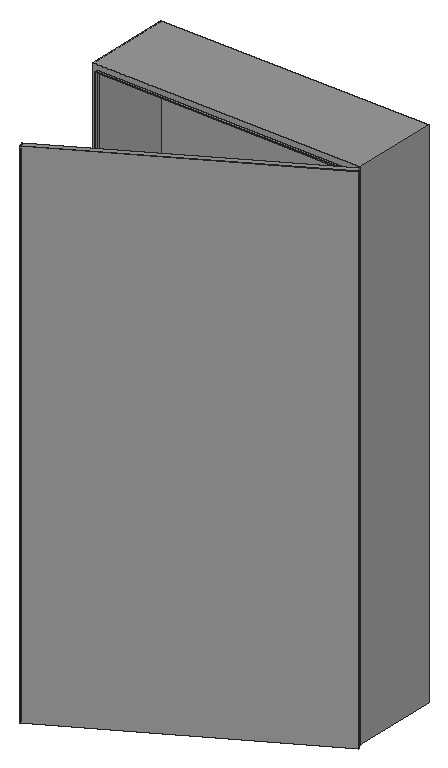
Revit family "Hager-Univers-IP55-D275-H1550-Cl.II-Steel_encl-NoHosted-ES-es", category Electrical Equipment, Revit 2020
Family settings
  Panel Configuration = Two Columns, Circuits Across
  Round Connector Dimension = Use Diameter
  Part Type = Panelboard
  Work Plane-Based = Yes
  Always vertical = Yes
  Cut with Voids When Loaded = No
  Shared = No
  Room Calculation Point = No
Parameters (values of type "Montado superficial (escayola) IP55 A800 A1550 P275  - FR03S")
  Width Control [instance] = if([EF000008 - Anchura] > Min Width, [EF000008 - Anchura], Min Width)  # 800 mm
  Type Comments = [HG000003 - Gama]  # "Univers"
  Thickness Door [instance] = if([EF009171 - Espesor puerta/tapa] > 3 mm, 3 mm, [EF009171 - Espesor puerta/tapa])  # 1.5 mm
  Seal Frame Offset [instance] = 17 mm  # constant formula
  Plinth Visibility [instance] = [HG000027 - Altura de zócalo] > 0 mm  # no
  Min Width [instance] = 100 mm  # constant formula
  Min Depth [instance] = (2 * [EF009170 - Espesor del material de la caja]) + 1 mm  # 4 mm
  Min Height [instance] = 100 mm  # constant formula
  Internal Frame Depth [instance] = (Door System Depth * 0.5)  # 9 mm
  Panel Name [instance] = ""  # (empty or 0)
  Model = ""
  HG000027 - Altura de zócalo = 0 mm
  HG000026 - Instalación en suelo = no
  HG000024 - Altura de la sección inferior = 600 mm
  HG000023 - Caja de doble sección = no
  HG000016 - Visibilidad de la puerta 3D [instance] = yes
  HG000015 - Visibilidad a través de la puerta [instance] = no
  HG000014 - Puerta a la derecha [instance] = yes
  HG000013 - Puerta a la izquierda [instance] = not([HG000014 - Puerta a la derecha])  # no
  HG000012 - Ángulo de giro de la puerta [instance] = 30.00°
  HG000010 - Puertas asimétricas = no
  HG000009 - Puerta batiente doble = no
  HG000006 - Empotrado = no
  HG000004 - Referencia del fabricante = "FR03S"
  HG000003 - Gama = "Univers"
  HG000002 - Con puerta o tapa = yes
  Frame Offset Bottom [instance] = 10 mm  # constant formula
  Frame Offset [instance] = 15 mm  # constant formula
  EF015940 - Tapa con alivio de sobrepresión = no
  EF011959 - Grado de protección (NEMA) = ""
  EF009554 - Número de aberturas para placas-brida = 6
  EF009212 - Versión de la cubierta = "EV000116 - Cerrado"
  EF009171 - Espesor puerta/tapa = 1.5 mm
  EF009170 - Espesor del material de la caja = 1.5 mm
  EF008873 - Corriente nominal (In) = 800 A
  EF007800 - Adecuado para la protección contra rayos = no
  EF006306 - Con cierre = no
  EF006244 - Tapa/puerta transparente = no
  EF005474 - Grado de protección (IP) = "EV006420 - IP55"
  EF004464 - Tipo de puerta = "EV002646 - Único"
  EF004427 - Número de módulos = 360
  EF004293 - Resistencia al impacto (IK) = "EV008784 - IK10"
  EF003532 - Adecuado para uso en exteriores = no
  EF002950 - Anchura de unidades de división = 24
  EF001613 - Integridad del circuito = "EV000494 - Ninguno"
  EF001596 - Material de la carcasa = "EV000179 - Acero"
  EF001131 - Profundidad interna = 275 mm
  EF001088 - Posibilidad de extensión = yes
  EF000437 - Número de entradas de conductos de cables = 6
  EF000339 - Tipo de cubierta = "EV004216 - Puerta"
  EF000266 - Número de filas = 10
  EF000218 - Profundidad de instalación = 0 mm
  EF000118 - Con placa de montaje = no
  EF000116 - Número RAL = "7035"
  EF000049 - Profundidad = 275 mm
  EF000040 - Altura = 1550 mm
  EF000008 - Anchura = 800 mm
  EF000007 - Color = "EV000270 - Gris"
  EF000003 - Tipo de montaje = "EV000384 - Montado superficial (escayola)"
  Door System Leaf Tolerance [instance] = 1.5 mm  # constant formula
  Door System Depth [instance] = 18 mm  # constant formula
  Door Height [instance] = Height Control - [HG000027 - Altura de zócalo]  # 1550 mm
  Description = ""
  Default Elevation = 1219.2 mm
  Connector Offset [instance] = Height Control / 2  # 775 mm
  Manufacturer = "Hager"  # constant formula
  Height Control [instance] = if([EF000040 - Altura] > Min Height, [EF000040 - Altura], Min Height)  # 1550 mm
  Depth Control [instance] = if([EF000049 - Profundidad] > Min Depth, [EF000049 - Profundidad], Min Depth)  # 275 mm
  Bottom Top Plate Trim [instance] = 1.5 mm  # constant formula
  Plinth height Ctrl [instance] = if([HG000027 - Altura de zócalo] > 0 mm, [HG000027 - Altura de zócalo], 12 mm)  # 12 mm
Types (5, lengths in mm): name | Width Control | HG000010 - Puertas asimétricas | HG000009 - Puerta batiente doble | HG000004 - Referencia del fabricante | EF009554 - Número de aberturas para placas-brida | EF004464 - Tipo de puerta | EF004427 - Número de módulos | EF000437 - Número de entradas de conductos de cables | EF000008 - Anchura
  Montado superficial (escayola) IP55 A1050 A1550 P275  - FR04S | 1050 | no | yes | "FR04S" | 8 | "EV003602 - Doble" | 480 | 8 | 1050
  Montado superficial (escayola) IP55 A1300 A1550 P275  - FR05S | 1300 | yes | yes | "FR05S" | 10 | "EV003602 - Doble" | 600 | 10 | 1300
  Montado superficial (escayola) IP55 A300 A1550 P275  - FR01S | 300 | no | no | "FR01S" | 2 | "EV002646 - Único" | 120 | 2 | 300
  Montado superficial (escayola) IP55 A550 A1550 P275  - FR02S | 550 | no | no | "FR02S" | 4 | "EV002646 - Único" | 240 | 4 | 550
  Montado superficial (escayola) IP55 A800 A1550 P275  - FR03S | 800 | no | no | "FR03S" | 6 | "EV002646 - Único" | 360 | 6 | 800
Reference planes
  plane 1 "Center (Front/Back)": y = 0
  plane 2: z = 0
  plane 3 "Center (Left/Right)": x = 0
  plane 4: y = 0
  plane 5: y = 0
  plane 6: z = 0
  plane 7: x = -400
  plane 8: x = 400
  plane 9: x = 398.5
  plane 10: x = -398.5
  plane 11: z = 0
  plane 12: z = 1.5
  plane 13: y = -275
  plane 14: y = -1.5
  plane 15: x = 0
  plane 16: y = -257
  plane 17: y = -273.5
  plane 18: y = -255.5
  plane 19: x = -383.5
  plane 20: x = 383.5
  plane 21: z = 11.5
  plane 22: x = -383
  plane 23: x = 383
  plane 24: z = 0
  plane 25: z = 1550
  plane 26: z = 1550
  plane 27: z = 1533.5
  plane 28: z = 1548.5
Forms (mm)
  Extrusion 1, solid, material "Hager_Steel_RAL7035_Light_Grey", detail levels medium+fine
    sketch origin (-208.679, -4572, 0) x (-1, 0, 0) y (0, -1, 0)
      loop
        line (191.321, -4315) -> (-608.679, -4315) -> (-608.679, -4572) -> (191.321, -4572) -> (191.321, -4315)
    from 0 to 1550
  Extrusion 2, void
    sketch origin (-350.771, -275, 1219.2) x (1, 0, 0) y (0, 0, 1)
      loop
        line (-47.729, 329.3) -> (-47.729, -1217.7) -> (749.271, -1217.7) -> (749.271, 329.3) -> (-47.729, 329.3)
    from -19.5 to -273.5
  Extrusion 3, void
    sketch origin (-290.084, -257, 1219.2) x (1, 0, 0) y (0, 0, 1)
      loop
        line (-93.416, -1207.7) -> (673.584, -1207.7) -> (673.584, 314.3) -> (-93.416, 314.3) -> (-93.416, -1207.7)
    from 0 to -1.5
  Extrusion 4, solid, material "Hager_Steel_RAL7035_Light_Grey", visible <- "Plinth Visibility", detail levels medium+fine
    sketch origin (0, 0, 0) x (1, 0, 0) y (0, 1, 0)
      loop
        line (-400, 0) -> (-400, -257) -> (400, -257) -> (400, 0) -> (-400, 0)
    from 0 to 12 <- "Plinth height Ctrl"
  Extrusion 5, solid, material "Hager_Steel_RAL7035_Light_Grey", detail levels coarse
    sketch origin (0, 0, 0) x (1, 0, 0) y (0, 1, 0)
      loop
        line (-400, 0) -> (-400, -275) -> (400, -275) -> (400, 0) -> (-400, 0)
    from 0 to 1550 <- "Height Control"
  Sweep 6, void
    path in 3D
      loop
        line (-400, -257, 12) -> (400, -257, 12) -> (400, 0, 12) -> (-400, 0, 12) -> (-400, -257, 12)
    profile origin (-400, -128.5, 12) x (1, 0, 0) y (0, 0, 1)
      loop
        line (0, 0) -> (0, -1.5) -> (1.5, -1.5)
        arc (1.5, -1.5) -> (1.061, -0.439) -> (0, 0) r 1.5
  Extrusion 7, solid, material "Hager_Steel_RAL7035_Light_Grey", detail levels fine
    sketch origin (-400, -257, 0) x (1, 0, 0) y (0, 0, 1)
      loop
        line (16.5, 11.5) -> (783.5, 11.5) -> (783.5, 1533.5) -> (16.5, 1533.5) -> (16.5, 11.5)
      loop
        line (15, 10) -> (785, 10) -> (785, 1535) -> (15, 1535) -> (15, 10)
    from 0 to 9 <- "Internal Frame Depth"
Cuts and joins
  Extrusion 2, Extrusion 3 cuts Extrusion 1
  Sweep 6 cuts Extrusion 4
Lines and regions (mm)
  Masking region 1
    outline origin (0, 0, 0) x (1, 0, 0) y (0, 1, 0)
      loop
        line (-400, 0) -> (-400, -275) -> (400, -275) -> (400, 0) -> (-400, 0)
  Masking region 2, detail levels coarse
    outline origin (-290.084, -257, 1219.2) x (-1, 0, 0) y (0, 0, 1)
      loop
        line (-690.084, -1219.2) -> (109.916, -1219.2) -> (109.916, 330.8) -> (-690.084, 330.8) -> (-690.084, -1219.2)
  Masking region 3, detail levels coarse
    outline origin (0, 0, 0) x (0, 1, 0) y (0, 0, 1)
      loop
        line (0, 0) -> (0, 1550) -> (-275, 1550) -> (-275, 0) -> (0, 0)
  Masking region 4, visible <- "Plinth Visibility", detail levels medium+fine
    outline origin (0, 0, 0) x (0, 1, 0) y (0, 0, 1)
      loop
        line (-1.5, 12) -> (-255.5, 12)
        arc (-255.5, 12) -> (-255.939, 10.939) -> (-257, 10.5) r 1.5
        line (-257, 10.5) -> (-257, 0) -> (0, 0) -> (0, 10.5)
        arc (0, 10.5) -> (-1.061, 10.939) -> (-1.5, 12) r 1.5
  Masking region 5, detail levels medium+fine
    outline origin (0, 0, 594.038) x (0, 1, 0) y (0, 0, 1)
      loop
        line (0, -594.038) -> (0, 955.962) -> (-257, 955.962) -> (-257, -594.038) -> (0, -594.038)
  Masking region 6, detail levels medium+fine
    outline origin (-359.7, -257, 1211.883) x (-1, 0, 0) y (0, 0, 1)
      loop
        line (-759.7, -1211.883) -> (40.3, -1211.883) -> (40.3, 338.117) -> (-759.7, 338.117) -> (-759.7, -1211.883)
  Masking region 7, visible <- "Plinth Visibility", detail levels medium+fine
    outline origin (-320.334, -257, 1041.368) x (-1, 0, 0) y (0, 0, 1)
      loop
        line (-720.334, -1041.368) -> (79.666, -1041.368) -> (79.666, -1030.868)
        arc (79.666, -1030.868) -> (78.606, -1030.429) -> (78.166, -1029.368) r 1.5
        line (78.166, -1029.368) -> (-718.834, -1029.368)
        arc (-718.834, -1029.368) -> (-719.273, -1030.429) -> (-720.334, -1030.868) r 1.5
        line (-720.334, -1030.868) -> (-720.334, -1041.368)
  sketch lines
    curve 1: line (-400, 0, 12) -> (-400, -257, 12)
    curve 2: line (-400, -257, 12) -> (400, -257, 12)
    curve 3: line (400, 0, 12) -> (-400, 0, 12)
    curve 4: line (400, -257, 12) -> (400, 0, 12)
Dimensions and locks
  locked: plane 1 "Center (Front/Back)" to plane 5
  "EF009170 - Espesor del material de la caja": plane 7 to plane 10
  "EF009170 - Espesor del material de la caja": plane 8 to plane 9
  equal spacing: plane 7, plane 3 "Center (Left/Right)", plane 8
  "Width Control": plane 7 to plane 8
  "Depth Control": plane 4 to plane 13
  "EF009170 - Espesor del material de la caja": plane 4 to plane 14
  "Height Control": plane 25 to level
  "HG000027 - Altura de zócalo": plane 11 to level
  "EF009170 - Espesor del material de la caja": plane 12 to plane 11
  "EF009170 - Espesor del material de la caja": plane 17 to plane 13
  "EF009170 - Espesor del material de la caja": plane 18 to plane 16
  "Frame Offset Bottom": plane 21 to plane 12
  "Frame Offset": plane 10 to plane 19
  "Frame Offset": plane 9 to plane 20
  "Door System Depth": plane 16 to plane 13
  "Seal Frame Offset": plane 7 to plane 22
  "Seal Frame Offset": plane 8 to plane 23
  "EF009170 - Espesor del material de la caja": plane 26 to plane 28
  "Frame Offset": plane 28 to plane 27
  "Connector Offset": plane 2 to connector elem
  "Bottom Top Plate Trim": profile plane to Sweep 6 sketch curve
  "Bottom Top Plate Trim": Sweep 6 sketch curve to Sweep 6 sketch curve
  "Plinth height Ctrl": Masking region 4 sketch curve to level
  "Plinth height Ctrl": Masking region 7 sketch curve to level
  "Thickness Door": Extrusion 7 sketch curve to Extrusion 7 sketch curve  (x4)
  "Bottom Top Plate Trim": radius of Sweep 6 sketch curve
  "Bottom Top Plate Trim": radius of Masking region 4 sketch curve  (x2)
  "Bottom Top Plate Trim": radius of Masking region 7 sketch curve  (x2)
  aligned and locked: Extrusion 2 sketch curve to plane 12
  aligned and locked: Extrusion 2 sketch curve to plane 9
  aligned and locked: Extrusion 2 sketch curve to plane 10
  aligned and locked: Extrusion 2 to plane 14
  aligned and locked: Extrusion 1 sketch curve to plane 4
  aligned and locked: plane 8 to Extrusion 1 sketch curve
  aligned and locked: plane 7 to Extrusion 1 sketch curve
  aligned and locked: Extrusion 2 to plane 18
  aligned and locked: Extrusion 3 sketch curve to plane 19
  aligned and locked: plane 20 to Extrusion 3 sketch curve
  aligned and locked: Extrusion 3 to Extrusion 2
  aligned and locked: Extrusion 3 sketch curve to plane 21
  aligned and locked: plane 3 "Center (Left/Right)" to nested 1
  aligned and locked: Extrusion 1 sketch curve to plane 16
  aligned and locked: Extrusion 4 sketch curve to cut or joined group of Extrusion 1, Extrusion 2, Extrusion 3
  aligned and locked: Masking region 1 sketch curve to plane 7
  aligned and locked: Masking region 1 sketch curve to plane 5
  aligned and locked: Masking region 1 sketch curve to plane 8
  aligned and locked: Masking region 2 sketch curve to level
  aligned and locked: level to Masking region 3 sketch curve
  aligned and locked: plane 1 "Center (Front/Back)" to Masking region 3 sketch curve
  aligned and locked: plane 13 to Masking region 3 sketch curve
  aligned and locked: plane 5 to Masking region 4 sketch curve
  aligned and locked: Masking region 2 sketch curve to plane 8
  aligned and locked: Masking region 2 sketch curve to plane 7
  aligned and locked: plane 7 to nested 2
  aligned and locked: nested 2 to plane 5
  aligned and locked: plane 5 to Masking region 5 sketch curve
  aligned and locked: plane 26 to Masking region 5 sketch curve
  aligned and locked: Extrusion 5 sketch curve to plane 8
  aligned and locked: Extrusion 5 sketch curve to plane 7
  aligned and locked: Extrusion 5 sketch curve to plane 5
  aligned and locked: Extrusion 3 sketch curve to plane 27
  aligned and locked: Extrusion 2 sketch curve to plane 28
  aligned and locked: Masking region 2 to plane 25
  aligned and locked: Extrusion 4 to plane 16
  aligned and locked: profile plane to Sweep 6 sketch curve
  aligned and locked: Masking region 5 sketch curve to plane 24
  aligned and locked: level to Masking region 4 sketch curve
  aligned and locked: Masking region 1 to plane 13
  aligned and locked: nested 1 to plane 16
  aligned and locked: Masking region 3 to plane 25
  aligned and locked: plane 16 to Masking region 4 sketch curve
  aligned and locked: Masking region 5 sketch curve to plane 16
  aligned and locked: plane 24 to plane 11
  aligned and locked: plane 26 to plane 25
  aligned and locked: plane 26 to cut or joined group of Extrusion 1, Extrusion 2, Extrusion 3
  aligned and locked: nested 1 to plane 24
  aligned and locked: Extrusion 1 to Extrusion 3
  aligned and locked: Masking region 6 sketch curve to plane 8
  aligned and locked: Masking region 6 sketch curve to plane 24
  aligned and locked: Masking region 6 sketch curve to plane 7
  aligned and locked: Masking region 6 sketch curve to plane 26
  aligned and locked: Masking region 7 sketch curve to plane 7
  aligned and locked: level to Masking region 7 sketch curve
  aligned and locked: Masking region 7 sketch curve to plane 8
  aligned and locked: Extrusion 7 sketch curve to cut or joined group of Extrusion 1, Extrusion 2, Extrusion 3  (x4)
Automatic sketch dimensions
  plane 19 to Extrusion 3 sketch curve = 0 mm
  Extrusion 3 sketch curve to plane 20 = 0 mm
  Extrusion 3 sketch curve to plane 21 = 0 mm
  Extrusion 4 sketch curve to plane 7 = 0 mm
  Extrusion 4 sketch curve to plane 8 = 0 mm
  Extrusion 4 sketch curve to plane 16 = 0 mm
  Masking region 1 sketch curve to plane 13 = 0 mm
  Masking region 2 sketch curve to plane 25 = 0 mm
  Masking region 3 sketch curve to plane 25 = 0 mm
  Extrusion 5 sketch curve to plane 13 = 0 mm
  profile plane to Sweep 6 sketch curve = 0 mm
Nested families
  nested 1: "EC000058_Univers_Door" at (0, -257, 0), Double <- "HG000009 - Puerta batiente doble", Transparent <- "EF006244 - Tapa/puerta transparente", Angle <- "HG000012 - Ángulo de giro de la puerta", Door_Right <- "HG000014 - Puerta a la derecha", Assymetrical <- "HG000010 - Puertas asimétricas", Door <- "HG000002 - Con puerta o tapa", Width_Ctrl <- "Width Control", 3d_Door <- "HG000016 - Visibilidad de la puerta 3D", Clearance <- "HG000015 - Visibilidad a través de la puerta", Door_Left <- "HG000013 - Puerta a la izquierda", Width <- "Width Control", Door_Depth <- "Door System Depth", Leaf_Tolerance <- "Door System Leaf Tolerance", Height <- "Door Height", Lock_Visibility <- "EF006306 - Con cierre", Thickness <- "Thickness Door", type "EC000058_Univers_Door", detail levels medium+fine
    with min_wh 4 mm, Width_Ctrl 800 mm, Width 800 mm, Transparent no, Thickness 1.5 mm, Seal_Material Hager_Rubber, Lock_Visibility no, Lock_Material Hager_Plastic_RAL9005_Jet_Black, Leaf_Width 800 mm, Leaf_Tolerance_External_Sides 0 mm, Leaf_Tolerance 1.5 mm, Leaf_Offset 0 mm, Leaf_Height 1547 mm, Leaf_2_Width 800 mm, Leaf_2_Offset 400 mm, Leaf_1_Width 800 mm, Leaf_1_Offset 400 mm, Height_Ctrl 1550 mm, Height 1550 mm, Glass_Material Hager_Glass, Double_Clearance_Ctrl no, Double no, Door_Right_Ctrl yes, Door_Right yes, Door_Material Hager_Steel_RAL7035_Light_Grey, Door_Left_Ctrl no, Door_Left no, Door_Depth 18 mm, Door yes, Clearance_Material Hager_Clearance, Clearance_Depth 800 mm, Clearance_Ctrl no, Clearance no, Assymetrical no, Angle 30.00°, 3d_Door yes
  nested 2: "Hager_Enclosure_Symbol" at (-400, 0, 0), Height <- "Depth Control", Width <- "Width Control", type "Hager_Enclosure_Symbol"
    with Width_Ctrl 800 mm, Width 800 mm, Height_Ctrl 275 mm, Height 275 mm, A_Width_Int 18.047 mm, A_Width 216.562 mm, A_Height_Ctrl 240.625 mm, A_Height 240.625 mm
Connectors
  electrical at (0, 0, 775)
    settings: on plane 1 "Center (Front/Back)", index 1, voltage 0 V, apparent load 0 VA, apparent load phase1 0 VA, apparent load phase2 0 VA, apparent load phase3 0 VA, power factor 1, load classification "Other", number of poles 1, system type 30, power factor state 1, is connector primary yes, connector utility no, sub classification motor no, connector description ""
Definition of nested family "EC000058_Univers_Door"
  Parameters (values of type "EC000058_Univers_Door")
    min_wh [instance] = (2 * Thickness) + 1 mm  # 11 mm
    Width_Ctrl [instance] = 400 mm
    Width [instance] = 500 mm
    Transparent [instance] = yes
    Thickness [instance] = 5 mm
    Seal_Material [instance] = none
    Lock_Visibility [instance] = yes
    Lock_Material [instance] = none
    Leaf_Width [instance] = if((Width_Ctrl - 2 * Leaf_Tolerance_External_Sides) > 0 mm, (Width_Ctrl - 2 * Leaf_Tolerance_External_Sides), min_wh)  # 400 mm
    Leaf_Tolerance_External_Sides [instance] = 0 mm  # constant formula
    Leaf_Tolerance [instance] = 1.5 mm
    Leaf_Offset [instance] = 0 mm  # constant formula
    Leaf_Height [instance] = if((Height_Ctrl - 2 * Leaf_Tolerance) > 0 mm, (Height_Ctrl - 2 * Leaf_Tolerance), min_wh)  # 497 mm
    Leaf_2_Width [instance] = if(and(and(Double, Assymetrical), Door_Left), (Leaf_Width / 3) - (Leaf_Tolerance / 2), if(and(and(Double, Assymetrical), Door_Right), (Leaf_Width / 3) * 2 - (Leaf_Tolerance / 2), if(and(Double, not(Assymetrical)), (Leaf_Width / 2) - Leaf_Tolerance, Leaf_Width)))  # 400 mm
    Leaf_2_Offset [instance] = if(and(Double, Assymetrical), Leaf_2_Width / 2, if(and(Double, not(Assymetrical)), Leaf_Width / 4, Leaf_Width / 2))  # 200 mm
    Leaf_1_Width [instance] = if(and(and(Double, Assymetrical), Door_Right), (Leaf_Width / 3) - (Leaf_Tolerance / 2), if(and(and(Double, Assymetrical), Door_Left), (Width / 3) * 2 - (Leaf_Tolerance / 2), if(and(Double, not(Assymetrical)), (Leaf_Width / 2) - Leaf_Tolerance, Leaf_Width)))  # 400 mm
    Leaf_1_Offset [instance] = if(and(Double, Assymetrical), Leaf_1_Width / 2, if(and(Double, not(Assymetrical)), Leaf_Width / 4, Leaf_Width / 2))  # 200 mm
    Height_Ctrl [instance] = if(Height > min_wh, Height, min_wh)  # 500 mm
    Height [instance] = 500 mm
    Glass_Material [instance] = none
    Double_Clearance_Ctrl [instance] = and(Double, Clearance)  # no
    Double [instance] = no
    Door_Right_Ctrl [instance] = and(or(Door_Right, Double), Door)  # yes
    Door_Right [instance] = yes
    Door_Material [instance] = none
    Door_Left_Ctrl [instance] = and(or(Door_Left, Double), Door)  # no
    Door_Left [instance] = no
    Door_Depth [instance] = 30 mm
    Door [instance] = yes
    Default Elevation = 1219.2 mm
    Clearance_Material [instance] = none
    Clearance_Depth [instance] = if(Leaf_1_Width > Leaf_2_Width, Leaf_1_Width, Leaf_2_Width)  # 400 mm
    Clearance_Ctrl [instance] = and(not(Double), Clearance)  # yes
    Clearance [instance] = yes
    Assymetrical [instance] = yes
    Angle [instance] = 30.00°
    3d_Door [instance] = yes
  Reference planes
    plane 1 "Center (Front/Back)": y = 0
    plane 2 "Bottom": z = 0
    plane 3 "Center (Left/Right)": x = 0
    plane 4: z = 500
    plane 5: x = -200
    plane 6: x = 200
    plane 7: z = 500
    plane 8: x = -200
    plane 9: z = 0
    plane 10: x = 200
    plane 11: y = 0
    plane 12: z = 1.5
    plane 13: x = -600
    plane 14: y = -400
    plane 15: x = 600
    plane 16: x = 0
    plane 17: x = 0
    plane 18: x = -200
    plane 19: x = 200
    plane 20: z = 498.5
  Forms (mm)
    Extrusion 1, solid, material <- "Clearance_Material", visible <- "Double_Clearance_Ctrl"
      sketch origin (1200, 0, 0) x (1, 0, 0) y (0, 0, -1)
        loop
          line (-1800, -498.5) -> (-600, -498.5) -> (-600, 0) -> (-1800, 0) -> (-1800, -498.5)
      from 0 to -400
  Dimensions and locks
    equal spacing: plane 5, plane 3 "Center (Left/Right)", plane 6
    "Width_Ctrl": plane 5 to plane 6
    "Leaf_Offset": plane 5 to plane 8
    "Leaf_Offset": plane 6 to plane 10
    "Leaf_Offset": plane 9 to level
    "Leaf_Offset": plane 4 to plane 7
    "Height_Ctrl": plane 4 to level
    "Leaf_Tolerance": plane 12 to plane 9
    locked: plane 11 to plane 1 "Center (Front/Back)"
    "Leaf_1_Offset": plane 18 to plane 16
    "Leaf_2_Offset": plane 17 to plane 19
    "Leaf_1_Width": plane 13 to plane 8
    "Leaf_2_Width": plane 10 to plane 15
    "Clearance_Depth": plane 14 to plane 1 "Center (Front/Back)"
    "Leaf_Tolerance_External_Sides": plane 8 to plane 18
    "Leaf_Tolerance_External_Sides": plane 19 to plane 10
    "Leaf_Tolerance": plane 7 to plane 20
    aligned and locked: level to plane 2 "Bottom"
    aligned and locked: nested 1 to plane 16
    aligned and locked: nested 2 to plane 17
    aligned and locked: Extrusion 1 to plane 13
    aligned and locked: plane 15 to Extrusion 1
    aligned and locked: Extrusion 1 to plane 14
    aligned and locked: plane 12 to nested 1
    aligned and locked: nested 2 to plane 12
    aligned and locked: Extrusion 1 to plane 11
    aligned and locked: plane 20 to Extrusion 1
    aligned and locked: nested 2 to plane 11
    aligned and locked: nested 1 to plane 11
  Automatic sketch dimensions
    Extrusion 1 sketch curve to level = 0 mm
    plane 5 to Extrusion 1 sketch curve = 400 mm
    plane 6 to Extrusion 1 sketch curve = 400 mm
    Extrusion 1 sketch curve to plane 4 = 1.5 mm
  Nested families
    nested 1: "EC000058_Univers_Door_Leaf" at (0, 0, 1.5), Width <- "Leaf_1_Width", visible <- "Door_Left_Ctrl", Leaf_Height <- "Leaf_Height", Angle <- "Angle", 3d_Door <- "3d_Door", Transparent <- "Transparent", Clearance Material <- "Clearance_Material", Clearance <- "Clearance_Ctrl", Door_Material <- "Door_Material", Glass_Material <- "Glass_Material", Door_Depth <- "Door_Depth", Lock_Material <- "Lock_Material", Seal_Material <- "Seal_Material", Lock_Visibility <- "Lock_Visibility", Thickness <- "Thickness", type "EC000058_Univers_Door_Leaf"
      with Width 400 mm, Transparent_Glass_Offset 30 mm, Transparent_Ctrl yes, Transparent yes, Thickness 5 mm, Standard no, Seal_Material none, Seal_D2 8 mm, Seal_D1 1 mm, Offset_Internal_Frame 10 mm, Lock_Width 20 mm, Lock_Visibility_3d yes, Lock_Visibility yes, Lock_Thickness_3 3 mm, Lock_Thickness_2 1 mm, Lock_Thickness_1 3 mm, Lock_Radius_Offset_2 16 mm, Lock_Radius_Offset_1 15 mm, Lock_Radius_2 5 mm, Lock_Radius 6 mm, Lock_Offset 5 mm, Lock_Material none, Lock_Height 80 mm, Lock_Cover_Top_Offset_2d 17 mm, Lock_Cover_Height -65 mm, Leaf_Height 497 mm, Internal_Seal_Thickness 8 mm, Internal_Seal_Depth_2 4.5 mm, Internal_Frame_Depth 25 mm, Glass_Thickness -1 mm, Glass_Offset -2 mm, Glass_Material none, Door_Material none, Door_Depth 30 mm, Clearance Material none, Clearance yes, Angle_Ctrl 30.00°, Angle 30.00°, 3d_Door yes
    nested 2: "EC000058_Univers_Door_Leaf" at (0, 0, 1.5) x (-1, 0, 0) z (0, 0, 1), Width <- "Leaf_2_Width", visible <- "Door_Right_Ctrl", Leaf_Height <- "Leaf_Height", Angle <- "Angle", 3d_Door <- "3d_Door", Transparent <- "Transparent", Clearance Material <- "Clearance_Material", Clearance <- "Clearance_Ctrl", Door_Material <- "Door_Material", Glass_Material <- "Glass_Material", Door_Depth <- "Door_Depth", Lock_Material <- "Lock_Material", Seal_Material <- "Seal_Material", Lock_Visibility <- "Lock_Visibility", Thickness <- "Thickness", type "EC000058_Univers_Door_Leaf"
      with Width 400 mm, Transparent_Glass_Offset 30 mm, Transparent_Ctrl yes, Transparent yes, Thickness 5 mm, Standard no, Seal_Material none, Seal_D2 8 mm, Seal_D1 1 mm, Offset_Internal_Frame 10 mm, Lock_Width 20 mm, Lock_Visibility_3d yes, Lock_Visibility yes, Lock_Thickness_3 3 mm, Lock_Thickness_2 1 mm, Lock_Thickness_1 3 mm, Lock_Radius_Offset_2 16 mm, Lock_Radius_Offset_1 15 mm, Lock_Radius_2 5 mm, Lock_Radius 6 mm, Lock_Offset 5 mm, Lock_Material none, Lock_Height 80 mm, Lock_Cover_Top_Offset_2d 17 mm, Lock_Cover_Height -65 mm, Leaf_Height 497 mm, Internal_Seal_Thickness 8 mm, Internal_Seal_Depth_2 4.5 mm, Internal_Frame_Depth 25 mm, Glass_Thickness -1 mm, Glass_Offset -2 mm, Glass_Material none, Door_Material none, Door_Depth 30 mm, Clearance Material none, Clearance yes, Angle_Ctrl 30.00°, Angle 30.00°, 3d_Door yes
  Definition of nested family "EC000058_Univers_Door_Leaf"
    Parameters (values of type "EC000058_Univers_Door_Leaf")
      Width [instance] = 2000 mm
      Transparent_Glass_Offset [instance] = 30 mm
      Transparent_Ctrl [instance] = and(Transparent, [3d_Door])  # yes
      Transparent [instance] = yes
      Thickness [instance] = 5 mm
      Standard [instance] = and(not(Transparent), [3d_Door])  # no
      Seal_Material [instance] = none
      Seal_D2 [instance] = 8 mm  # constant formula
      Seal_D1 [instance] = 1 mm  # constant formula
      Offset_Internal_Frame [instance] = 10 mm  # constant formula
      Lock_Width [instance] = 20 mm  # constant formula
      Lock_Visibility_3d [instance] = and(Lock_Visibility, [3d_Door])  # yes
      Lock_Visibility [instance] = yes
      Lock_Thickness_3 [instance] = 3 mm  # constant formula
      Lock_Thickness_2 [instance] = 1 mm  # constant formula
      Lock_Thickness_1 [instance] = 3 mm  # constant formula
      Lock_Radius_Offset_2 [instance] = Lock_Radius_Offset_1 + 1 mm  # 16 mm
      Lock_Radius_Offset_1 [instance] = 15 mm  # constant formula
      Lock_Radius_2 [instance] = Lock_Radius - 1 mm  # 5 mm
      Lock_Radius [instance] = 6 mm  # constant formula
      Lock_Offset [instance] = 5 mm  # constant formula
      Lock_Material [instance] = none
      Lock_Height [instance] = 80 mm  # constant formula
      Lock_Cover_Top_Offset_2d [instance] = Lock_Radius_Offset_2 + 1 mm  # 17 mm
      Lock_Cover_Height [instance] = -(Lock_Height - Lock_Radius_Offset_1)  # -65 mm
      Leaf_Height [instance] = 2720.336 mm
      Internal_Seal_Thickness [instance] = 8 mm  # constant formula
      Internal_Seal_Depth_2 [instance] = 4.5 mm  # constant formula
      Internal_Frame_Depth [instance] = if(Door_Depth - Thickness > 5 mm, Door_Depth - Thickness, 5 mm)  # 25 mm
      Glass_Thickness [instance] = if(Thickness > 15 mm, Glass_Offset + 10 mm, -1 mm)  # -1 mm
      Glass_Offset [instance] = if(Thickness > 15 mm, -(Thickness + 10 mm) / 2, -2 mm)  # -2 mm
      Glass_Material [instance] = none
      Door_Material [instance] = none
      Door_Depth [instance] = 30 mm
      Default Elevation = 0 mm
      Clearance Material [instance] = none
      Clearance [instance] = yes
      Angle_Ctrl [instance] = if(Angle > 180.00°, 180.00°, Angle)  # 90.00°
      Angle [instance] = 90.00°
      3d_Door [instance] = yes
    Reference planes
      plane 1 "Center (Front/Back)": y = 0
      plane 2: z = 0
      plane 3 "Center (Left/Right)": x = 0
      plane 4: y = 2000
      plane 5: x = -1000
      plane 6: x = 1000
      plane 7: x = -3000
      plane 8: z = 2720.336
      plane 9: z = 30
      plane 10: z = 2690.336
      plane 11: x = 970
      plane 12: x = -970
      plane 13: y = -3
      plane 14: z = 107.833
      plane 15: y = -5
      plane 16: y = -223.314
      plane 17: x = -1000
      plane 18: z = 1360.168
      plane 19: y = 30
    Forms (mm)
      Extrusion 1, solid, material <- "Clearance Material", visible <- "Clearance"
        sketch origin (0, 0, 0) x (1, 0, 0) y (0, 0, 1)
          loop
            line (-3000, 2720.336) -> (-3000, 0) -> (1000, 0) -> (1000, 2720.336) -> (-3000, 2720.336)
        from 0 to -2000
      Extrusion 2, solid, material <- "Door_Material", visible <- "Standard", detail levels medium+fine
        sketch origin (-1000, 0, 0) x (0, 1, 0) y (-1, 0, 0)
          loop
            line (0, 30) -> (0, 25) -> (2000, 25) -> (2000, 30) -> (0, 30)
        from 0 to 2720.336 <- "Leaf_Height"
      Extrusion 3, solid, material <- "Door_Material", visible <- "Transparent_Ctrl", detail levels medium+fine
        sketch origin (-1000, 0, 0) x (0, 1, 0) y (-1, 0, 0)
          loop
            line (0, 25) -> (2000, 25) -> (2000, 30) -> (0, 30) -> (0, 25)
        from 0 to 2720.336 <- "Leaf_Height"
      Extrusion 4, void
        sketch origin (-1025, 2000, 0) x (0, 1, 0) y (0, 0, -1)
          loop
            line (-30, -2690.336) -> (-30, -30) -> (-1970, -30) -> (-1970, -2690.336) -> (-30, -2690.336)
        from 0 to 5 <- "Thickness"
      Sweep 5, solid, material <- "Seal_Material", visible <- "Transparent_Ctrl", detail levels fine
        path in 3D
          loop
            line (-1025, 30, 30) -> (-1025, 30, 2690.336) -> (-1025, 1970, 2690.336) -> (-1025, 1970, 30) -> (-1025, 30, 30)
        profile origin (-1025, 1000, 30) x (1, 0, 0) y (0, 0, 1)
          loop
            line (0, 0) -> (0, -8) -> (1, -8) -> (1, 0) -> (0, 0)
      Extrusion 6, solid, material <- "Glass_Material", visible <- "Transparent_Ctrl", detail levels medium+fine
        sketch origin (-1030, 0, 0) x (0, 1, 0) y (0, 0, -1)
          loop
            line (1970, -2690.336) -> (1970, -30) -> (30, -30) -> (30, -2690.336) -> (1970, -2690.336)
        from -2 <- "Glass_Offset" to -1 <- "Glass_Thickness"
      Extrusion 7, solid, material <- "Door_Material", visible <- "3d_Door", detail levels medium+fine
        sketch origin (-1025, 2000, 0) x (0, -1, 0) y (0, 0, -1)
          loop
            line (0, -2720.336) -> (2000, -2720.336) -> (2000, 0) -> (0, 0) -> (0, -2720.336)
          loop
            line (1995, -5) -> (5, -5) -> (5, -2715.336) -> (1995, -2715.336) -> (1995, -5)
        from 0 to 25 <- "Internal_Frame_Depth"
      Sweep 8, solid, material <- "Seal_Material", visible <- "Transparent_Ctrl", detail levels fine
        path in 3D
          loop
            line (-1025, 0, 0) -> (-1025, 2000, 0) -> (-1025, 2000, 2720.336) -> (-1025, 0, 2720.336) -> (-1025, 0, 0)
        profile origin (-1025, 0, 1360.168) x (1, 0, 0) y (0, 1, 0)
          loop
            line (0, 10) -> (2.975, 10)
            arc (2.975, 10) -> (4.053, 10.447) -> (4.5, 11.525) r 1.525
            line (4.5, 11.525) -> (4.5, 16.527)
            arc (4.5, 16.527) -> (4.069, 17.569) -> (3.027, 18) r 1.473
            line (3.027, 18) -> (0, 18) -> (0, 10)
      Extrusion 9, solid, material <- "Lock_Material", visible <- "Lock_Visibility_3d", detail levels fine
        sketch origin (-1030, 0, 0) x (0, 1, 0) y (0, 0, -1)
          loop
            arc (1993.5, -1400.168) -> (1994.561, -1399.729) -> (1995, -1398.668) r 1.5
            line (1995, -1398.668) -> (1995, -1320.168) -> (1975, -1320.168) -> (1975, -1398.668)
            arc (1975, -1398.668) -> (1975.439, -1399.729) -> (1976.5, -1400.168) r 1.5
            line (1976.5, -1400.168) -> (1993.5, -1400.168)
        from 3 <- "Lock_Thickness_1" to 0
      Blend 10, solid, material <- "Lock_Material", visible <- "Lock_Visibility_3d", detail levels fine
        base sketch origin (-1033, 0, 0) x (0, 1, 0) y (0, 0, -1)
          loop
            line (1975, -1320.168) -> (1975, -1398.668)
            arc (1975, -1398.668) -> (1975.439, -1399.729) -> (1976.5, -1400.168) r 1.5
            line (1976.5, -1400.168) -> (1993.5, -1400.168)
            arc (1993.5, -1400.168) -> (1994.561, -1399.729) -> (1995, -1398.668) r 1.5
            line (1995, -1398.668) -> (1995, -1320.168) -> (1975, -1320.168)
        top sketch origin (-1033, 0, 0) x (0, 1, 0) y (0, 0, -1)
          loop
            line (1976, -1320.168) -> (1976, -1398.668)
            arc (1976, -1398.668) -> (1976.146, -1399.022) -> (1976.5, -1399.168) r 0.5
            line (1976.5, -1399.168) -> (1993.5, -1399.168)
            arc (1993.5, -1399.168) -> (1993.854, -1399.022) -> (1994, -1398.668) r 0.5
            line (1994, -1398.668) -> (1994, -1320.168) -> (1976, -1320.168)
        from 0 to 1 <- "Lock_Thickness_2"
      Blend 11, solid, material <- "Lock_Material", visible <- "Lock_Visibility_3d", detail levels fine
        base sketch origin (-1034, 0, 0) x (0, 1, 0) y (0, 0, -1)
          loop
            line (1978, -1320.168) -> (1978, -1384.168)
            arc (1978, -1384.168) -> (1985, -1391.168) -> (1992, -1384.168) r 7
            line (1992, -1384.168) -> (1992, -1320.168) -> (1978, -1320.168)
        top sketch origin (-1034, 0, 0) x (0, 1, 0) y (0, 0, -1)
          loop
            line (1991, -1320.168) -> (1979, -1320.168) -> (1979, -1383.168)
            arc (1979, -1383.168) -> (1985, -1389.168) -> (1991, -1383.168) r 6
            line (1991, -1383.168) -> (1991, -1320.168)
        from 0 to 3 <- "Lock_Thickness_3"
      Extrusion 12, solid, material <- "Lock_Material", visible <- "Lock_Visibility_3d", detail levels fine
        sketch origin (-1030, 1975, 1320.168) x (1, 0, 0) y (0, -1, 0)
          loop
            line (-7, -19) -> (-7, -1) -> (0, -1) -> (0, 0) -> (-8, 0) -> (-8, -20) -> (0, -20) -> (0, -19) -> (-7, -19)
        from 0 to -65 <- "Lock_Cover_Height"
      Extrusion 13, void
        sketch origin (-1038, 1995, 1320.168) x (-1, 0, 0) y (0, 0, -1)
          loop
            line (-5, -65) -> (0, -65) -> (-5, -60) -> (-5, -65)
        from 0 to 20 <- "Lock_Width"
      Extrusion 14, void
        sketch origin (-1038, 1975, 1320.168) x (0, -1, 0) y (0, 0, -1)
          loop
            circle (-10, -15.995) r 6
          loop
            circle (-10, -15.995) r 5
        from 0 to 2
      Extrusion 15, solid, material <- "Lock_Material", visible <- "Lock_Visibility_3d", detail levels medium
        sketch origin (-1030, 0, 0) x (0, 1, 0) y (0, 0, -1)
          loop
            arc (1993.5, -1400.168) -> (1994.561, -1399.729) -> (1995, -1398.668) r 1.5
            line (1995, -1398.668) -> (1995, -1320.168) -> (1975, -1320.168) -> (1975, -1398.668)
            arc (1975, -1398.668) -> (1975.439, -1399.729) -> (1976.5, -1400.168) r 1.5
            line (1976.5, -1400.168) -> (1993.5, -1400.168)
        from 8 to 0
    Cuts and joins
      Extrusion 4 cuts Extrusion 3
      Extrusion 13, Extrusion 14 cuts Extrusion 9
      Extrusion 14 cuts Blend 11
      Extrusion 13, Extrusion 14 cuts Extrusion 12
      joined: Extrusion 9, Blend 10, Blend 11, Extrusion 12
      Extrusion 14 cuts Extrusion 15
    Lines and regions (mm)
      Masking region 1, visible <- "Lock_Visibility", detail levels fine
        outline origin (0, 0, 0) x (0, 1, 0) y (0, 0, 1)
          loop
            line (30, 1320.168) -> (33, 1320.168) -> (33, 1400.168) -> (30, 1400.168) -> (30, 1320.168)
      Masking region 2, visible <- "Lock_Visibility", detail levels fine
        outline origin (0, 3.143, 0) x (0, 1, 0) y (0, 0, 1)
          loop
            line (29.857, 1354.168) -> (30.857, 1354.168) -> (30.857, 1366.168) -> (29.857, 1366.168) -> (29.857, 1354.168)
      Masking region 3, detail levels medium+fine
        outline origin (0, 0, 0) x (0, 1, 0) y (0, 0, 1)
          loop
            line (0, 0) -> (30, 0) -> (30, 2720.336) -> (0, 2720.336) -> (0, 0)
      Masking region 4, detail levels medium+fine
        outline origin (0, 0, 0) x (1, 0, 0) y (0, 0, 1)
          loop
            line (-1000, 2720.336) -> (-1000, 0) -> (1000, 0) -> (1000, 2720.336) -> (-1000, 2720.336)
      Masking region 5, visible <- "Lock_Visibility", detail levels fine
        outline origin (-47.116, 0, 0) x (1, 0, 0) y (0, 0, 1)
          loop
            arc (1024.616, 1399.168) -> (1023.556, 1398.729) -> (1023.116, 1397.668) r 1.5
            line (1023.116, 1397.668) -> (1023.116, 1320.168) -> (1041.116, 1320.168) -> (1041.116, 1397.668)
            arc (1041.116, 1397.668) -> (1040.677, 1398.729) -> (1039.616, 1399.168) r 1.5
            line (1039.616, 1399.168) -> (1024.616, 1399.168)
      Masking region 6, visible <- "Lock_Visibility", detail levels medium+fine
        outline origin (-25, 0, 0) x (1, 0, 0) y (0, 0, 1)
          loop
            arc (1001.5, 1400.168) -> (1000.439, 1399.729) -> (1000, 1398.668) r 1.5
            line (1000, 1398.668) -> (1000, 1320.168) -> (1020, 1320.168) -> (1020, 1398.668)
            arc (1020, 1398.668) -> (1019.561, 1399.729) -> (1018.5, 1400.168) r 1.5
            line (1018.5, 1400.168) -> (1001.5, 1400.168)
      Masking region 7, visible <- "Lock_Visibility", detail levels fine
        outline origin (-73.735, 0, 0) x (1, 0, 0) y (0, 0, 1)
          loop
            line (1051.735, 1382.168) -> (1065.735, 1382.168) -> (1065.735, 1384.168)
            arc (1065.735, 1384.168) -> (1058.735, 1391.168) -> (1051.735, 1384.168) r 7
            line (1051.735, 1384.168) -> (1051.735, 1382.168)
      Masking region 8, visible <- "Lock_Visibility", detail levels fine
        outline origin (-73.735, 0, 0) x (1, 0, 0) y (0, 0, 1)
          loop
            line (1052.735, 1382.168) -> (1064.735, 1382.168) -> (1064.735, 1383.168)
            arc (1064.735, 1383.168) -> (1058.735, 1389.168) -> (1052.735, 1383.168) r 6
            line (1052.735, 1383.168) -> (1052.735, 1382.168)
      Masking region 9, visible <- "Lock_Visibility", detail levels fine
        outline origin (-25, 0, 0) x (1, 0, 0) y (0, 0, 1)
          loop
            line (1020, 1320.168) -> (1020, 1382.168) -> (1000, 1382.168) -> (1000, 1320.168) -> (1020, 1320.168)
      Masking region 10, detail levels medium+fine
        outline origin (0, 0, 0) x (1, 0, 0) y (0, 0, 1)
          loop
            circle (985, 1335.144) r 6
      Masking region 11, detail levels fine
        outline origin (0, 0, 0) x (1, 0, 0) y (0, 0, 1)
          loop
            circle (985, 1335.144) r 5
      Masking region 12, visible <- "Lock_Visibility", detail levels fine
        outline origin (0, 12.767, 0) x (0, 1, 0) y (0, 0, 1)
          loop
            line (20.233, 1320.168) -> (21.233, 1320.168) -> (21.233, 1399.168) -> (20.233, 1400.168) -> (20.233, 1320.168)
      Masking region 13, visible <- "Lock_Visibility", detail levels fine
        outline origin (0, 13.767, -10) x (0, 1, 0) y (0, 0, 1)
          loop
            line (20.233, 1330.168) -> (23.233, 1330.168) -> (23.233, 1399.168) -> (20.233, 1402.168) -> (20.233, 1330.168)
      Masking region 14, visible <- "Lock_Visibility", detail levels fine
        outline origin (0, 12.767, -10) x (0, 1, 0) y (0, 0, 1)
          loop
            line (20.233, 1330.168) -> (25.233, 1330.168) -> (25.233, 1399.305) -> (20.233, 1394.305) -> (20.233, 1330.168)
      Masking region 15, visible <- "Lock_Visibility", detail levels medium
        outline origin (0, 0, 0) x (0, 1, 0) y (0, 0, 1)
          loop
            line (30, 1320.168) -> (38, 1320.168) -> (38, 1400.168) -> (30, 1400.168) -> (30, 1320.168)
      Masking region 16, visible <- "Lock_Visibility", detail levels fine
        outline origin (-1000, 0, 0) x (0, 1, 0) y (-1, 0, 0)
          loop
            line (1975, 30) -> (1995, 30) -> (1995, 38) -> (1975, 38) -> (1975, 30)
          loop
            line (1979, 37) -> (1976, 37) -> (1976, 34) -> (1978, 34) -> (1979, 37)
          loop
            line (1994, 37) -> (1991, 37) -> (1992, 34) -> (1994, 34) -> (1994, 37)
      Masking region 17, visible <- "Lock_Visibility", detail levels medium
        outline origin (-1000, 0, 0) x (0, 1, 0) y (-1, 0, 0)
          loop
            line (1975, 30) -> (1995, 30) -> (1995, 38) -> (1975, 38) -> (1975, 30)
      symbolic lines
        curve 1: line (1000, 0, 0) -> (-3000, 0, 0)
        curve 2: arc (1000, 0, 0) -> (-1000, 2000, 0) -> (-3000, 0, 0) r 2000
        curve 4: line (-1030, 0, 0) -> (-1030, 2000, 0)
      reference lines
        curve 3: line (-1000, 0, 0) -> (-1000, 2000, 0)
      symbolic lines, detail levels medium+fine
        curve 5: line (-1030, 2000, 0) -> (-1025, 2000, 0)
        curve 7: line (-1025, 0, 0) -> (-1030, 0, 0)
        curve 8: line (-1025, 0, 0) -> (-1000, 0, 0)
        curve 9: line (-1000, 0, 0) -> (-1000, 2000, 0)
        curve 10: line (-1000, 2000, 0) -> (-1025, 2000, 0)
      symbolic lines, detail levels fine
        curve 6: line (-1025, 2000, 0) -> (-1025, 0, 0)
      sketch lines
        curve 11: line (-1025, 0, 2720.336) -> (-1025, 0, 0)
        curve 12: line (-1025, 2000, 0) -> (-1025, 0, 0)
        curve 13: line (-1025, 2000, 2720.336) -> (-1025, 2000, 0)
        curve 14: line (-1025, 0, 2720.336) -> (-1025, 2000, 2720.336)
        curve 15: line (-1025, 1970, 30) -> (-1025, 30, 30)
        curve 16: line (-1025, 30, 30) -> (-1025, 30, 2690.336)
        curve 17: line (-1025, 1970, 2690.336) -> (-1025, 1970, 30)
        curve 18: line (-1025, 30, 2690.336) -> (-1025, 1970, 2690.336)
      symbolic lines, visible <- "Transparent", detail levels medium+fine
        curve 19: line (-970, 0, 2690.336) -> (970, 0, 2690.336)
        curve 20: line (-970, 0, 30) -> (-970, 0, 2690.336)
        curve 21: line (970, 0, 30) -> (-970, 0, 30)
        curve 22: line (970, 0, 2690.336) -> (970, 0, 30)
    Dimensions and locks
      "Width": plane 1 "Center (Front/Back)" to plane 4
      equal spacing: plane 5, plane 3 "Center (Left/Right)", plane 6
      "Width": plane 5 to plane 6
      "Width": plane 7 to plane 5
      "Leaf_Height": plane 8 to level
      "Width": curve 5 to curve 3
      "Width": curve 3 to curve 3
      plane 8 to plane 10 = 30 mm
      plane 9 to level = 30 mm
      plane 12 to plane 5 = 30 mm
      plane 6 to plane 11 = 30 mm
      Extrusion 1 to Extrusion 4 sketch curve = 30 mm
      "Transparent_Glass_Offset": curve 3 to Extrusion 4 sketch curve
      "Transparent_Glass_Offset": Extrusion 4 sketch curve to cut or joined group of Extrusion 3, Extrusion 4  (x2)
      cut or joined group of Extrusion 3, Extrusion 4 to Extrusion 6 sketch curve = 30 mm
      "Transparent_Glass_Offset": cut or joined group of Extrusion 3, Extrusion 4 to Extrusion 4 sketch curve
      "Thickness": curve 6 to curve 4
      "Thickness": Extrusion 7 sketch curve to Extrusion 7 sketch curve  (x4)
      "Door_Depth": curve 4 to curve 3
      "Offset_Internal_Frame": profile plane to Sweep 8 sketch curve
      "Internal_Seal_Thickness": Sweep 8 sketch curve to Sweep 8 sketch curve
      "Internal_Seal_Depth_2": profile plane to Sweep 8 sketch curve
      "Seal_D1": profile plane to Sweep 5 sketch curve
      "Seal_D2": profile plane to Sweep 5 sketch curve
      "Thickness": Extrusion 2 sketch curve to Extrusion 2 sketch curve
      equal spacing: Extrusion 9 sketch curve, plane 18, Extrusion 9 sketch curve  (x2)
      equal spacing: Masking region 1 sketch curve, plane 18, Masking region 1 sketch curve
      "Lock_Height": Masking region 1 sketch curve to Masking region 1 sketch curve
      "Lock_Radius": Masking region 2 sketch curve to plane 18 to Masking region 2 sketch curve
      Masking region 2 sketch curve to Masking region 1 = 1 mm
      "Door_Depth": plane 19 to plane 1 "Center (Front/Back)"
      "Lock_Thickness_1": Masking region 1 sketch curve to plane 19
      "Lock_Width": Extrusion 9 sketch curve to Extrusion 9 sketch curve
      "Lock_Height": Extrusion 9 sketch curve to Extrusion 9 sketch curve
      "Lock_Offset": cut or joined group of Extrusion 3, Extrusion 4 to Extrusion 9 sketch curve
      equal spacing: plane 8, plane 18, level
      "Lock_Radius_Offset_1": Blend 11 sketch curve to Blend 10
      locked: Blend 10 to Blend 11 sketch curve at 2  (x2)
      locked: var sketch to Blend 11 sketch curve at 1  (x2)
      "Lock_Radius_Offset_2": Blend 11 sketch curve to Blend 10
      locked: Extrusion 12 sketch curve to Extrusion 12 sketch curve at 1  (x3)
      Masking region 6 sketch curve to Masking region 6 sketch curve = 80 mm
      "Lock_Height": Masking region 6 sketch curve to Masking region 6 sketch curve
      "Lock_Width": Masking region 6 sketch curve to Masking region 6 sketch curve
      locked: Masking region 6 to Masking region 5 sketch curve at 1  (x3)
      locked: Masking region 5 to Masking region 7 sketch curve at 2  (x2)
      "Lock_Radius_Offset_1": Masking region 5 to Masking region 7 sketch curve
      "Lock_Radius_Offset_2": Masking region 5 to Masking region 8 sketch curve
      locked: Masking region 7 to Masking region 8 sketch curve at 1  (x2)
      "Lock_Cover_Top_Offset_2d": Masking region 5 to Masking region 9 sketch curve
      equal spacing: Masking region 9, Masking region 10 sketch curve, Masking region 9
      equal spacing: Masking region 9, Masking region 11 sketch curve, Masking region 9
      Extrusion 15 sketch curve to Extrusion 15 sketch curve = 80 mm
      "Lock_Width": Extrusion 15 sketch curve to Extrusion 15 sketch curve
      "Lock_Height": Extrusion 15 sketch curve to Extrusion 15 sketch curve
      equal spacing: Extrusion 15 sketch curve, plane 18, Extrusion 15 sketch curve
      "Lock_Thickness_3": Masking region 13 sketch curve to Masking region 13 sketch curve
      "Lock_Height": Masking region 12 sketch curve to Masking region 12 sketch curve
      locked: Masking region 13 sketch curve to Masking region 1 at 8
      locked: Masking region 14 sketch curve to Masking region 13 at 1
      locked: Masking region 14 sketch curve to Masking region 1 at 10.863
      "Lock_Height": Masking region 15 sketch curve to Masking region 15 sketch curve
      "Lock_Offset": Extrusion 15 sketch curve to cut or joined group of Extrusion 3, Extrusion 4
      "Lock_Offset": plane 6 to Masking region 6 sketch curve
      radius of Sweep 8 sketch curve = 1.525 mm
      radius of Sweep 8 sketch curve = 1.473 mm
      radius of Extrusion 9 sketch curve = 1.5 mm  (x2)
      "Lock_Radius": radius of Extrusion 14 sketch curve
      "Lock_Radius_2": radius of Extrusion 14 sketch curve
      "Lock_Radius": radius of Masking region 10 sketch curve
      "Lock_Radius_2": radius of Masking region 11 sketch curve
      radius of Extrusion 15 sketch curve = 1.5 mm  (x2)
      "Angle_Ctrl": angle plane 1 "Center (Front/Back)" to curve 3
      locked: Masking region 12 sketch curve to Masking region 12 sketch curve (angle 45.00°)
      locked: Masking region 13 sketch curve to Masking region 13 sketch curve (angle 45.00°)
      locked: Masking region 14 sketch curve to Masking region 14 sketch curve (angle 45.00°)
      aligned and locked: level to plane 2
      aligned and locked: Extrusion 1 to curve 1
      aligned and locked: plane 6 to Extrusion 1
      aligned and locked: Extrusion 1 to plane 1 "Center (Front/Back)"
      aligned and locked: plane 4 to Extrusion 1
      aligned and locked: plane 8 to Extrusion 1
      aligned and locked: curve 7 to Extrusion 2 sketch curve
      aligned and locked: curve 5 to Extrusion 2 sketch curve
      aligned and locked: curve 7 to Extrusion 3 sketch curve
      aligned and locked: Extrusion 3 sketch curve to curve 4
      aligned and locked: Extrusion 3 sketch curve to curve 6
      aligned and locked: Extrusion 3 sketch curve to curve 5
      aligned and locked: curve 9 to curve 3
      aligned and locked: Extrusion 7 sketch curve to cut or joined group of Extrusion 3, Extrusion 4  (x4)
      aligned and locked: plane 17 to curve 3
      aligned and locked: plane 1 "Center (Front/Back)" to curve 3
      aligned and locked: plane 17 to plane 5
      aligned and locked: Sweep 8 sketch curve to profile plane
      aligned and locked: Sweep 5 sketch curve to profile plane  (x2)
      aligned and locked: Masking region 1 to Masking region 2 sketch curve
      aligned and locked: plane 19 to Masking region 1 sketch curve
      aligned and locked: plane 1 "Center (Front/Back)" to Masking region 3 sketch curve
      aligned and locked: plane 19 to Masking region 3 sketch curve
      aligned and locked: level to Masking region 3 sketch curve
      aligned and locked: Masking region 3 sketch curve to plane 8
      aligned and locked: plane 17 to Masking region 4 sketch curve
      aligned and locked: level to Masking region 4 sketch curve
      aligned and locked: Masking region 4 sketch curve to plane 8
      aligned and locked: plane 12 to curve 20
      aligned and locked: plane 10 to curve 19
      aligned and locked: plane 11 to curve 22
      aligned and locked: curve 21 to plane 9
      aligned and locked: Extrusion 2 sketch curve to cut or joined group of Extrusion 3, Extrusion 4
      aligned and locked: Blend 10 sketch curve to Extrusion 9  (x4)
      aligned and locked: Extrusion 9 to Blend 10 sketch curve
      aligned and locked: Blend 10 to Blend 11 sketch curve
      aligned and locked: Extrusion 12 sketch curve to Blend 11
      aligned and locked: Extrusion 12 sketch curve to Extrusion 9  (x4)
      aligned and locked: Masking region 5 sketch curve to Masking region 6
      aligned and locked: Masking region 9 sketch curve to Masking region 6  (x3)
      aligned and locked: Masking region 12 sketch curve to Masking region 1
      aligned and locked: Masking region 13 sketch curve to Masking region 1
      aligned and locked: Masking region 12 to Masking region 14
      aligned and locked: Masking region 14 sketch curve to Masking region 1
      aligned and locked: Masking region 15 sketch curve to Masking region 14
      aligned and locked: Masking region 13 sketch curve to Masking region 12
      aligned and locked: Masking region 16 sketch curve to cut or joined group of Extrusion 14, Extrusion 15  (x4)
      aligned and locked: Masking region 16 sketch curve to cut or joined group of Extrusion 9, Blend 10, Blend 11, Extrusion 12, Extrusion 13, Extrusion 14  (x6)
      aligned and locked: cut or joined group of Extrusion 9, Blend 10, Blend 11, Extrusion 12, Extrusion 13, Extrusion 14 to Masking region 16 sketch curve
      aligned and locked: Masking region 17 sketch curve to cut or joined group of Extrusion 14, Extrusion 15  (x3)
      aligned and locked: Masking region 17 sketch curve to cut or joined group of Extrusion 9, Blend 10, Blend 11, Extrusion 12, Extrusion 13, Extrusion 14
      aligned and locked: Masking region 9 to Masking region 8 sketch curve
      aligned and locked: Masking region 9 to Masking region 7 sketch curve
    Automatic sketch dimensions
      plane 1 "Center (Front/Back)" to curve 2 = 0 mm
      curve 2 to plane 5 = 0 mm
      Extrusion 1 sketch curve to level = 0 mm
      Extrusion 1 sketch curve to plane 7 = 0 mm
      Extrusion 1 sketch curve to plane 6 = 0 mm
      Extrusion 1 sketch curve to plane 8 = 0 mm
      Extrusion 3 to Extrusion 6 sketch curve = 30 mm  (x4)
      Masking region 4 sketch curve to plane 6 = 0 mm
      Blend 10 sketch curve to Extrusion 9 = 1.5 mm
      Blend 10 sketch curve to Extrusion 9 = 1 mm
      Extrusion 13 sketch curve to Extrusion 12 = 0 mm  (x2)
      Extrusion 12 to Extrusion 13 sketch curve = 3 mm
      Extrusion 13 sketch curve to Extrusion 12 = 5 mm
      Extrusion 14 sketch curve to Extrusion 14 sketch curve = 0 mm  (x2)
      Extrusion 14 sketch curve to Extrusion 12 = 10 mm
      Extrusion 14 sketch curve to Extrusion 12 = 15.995 mm
      Masking region 5 sketch curve to Masking region 5 sketch curve = 1.5 mm  (x2)
      Masking region 10 sketch curve to plane 18 = 25.024 mm
      Masking region 11 sketch curve to plane 18 = 25.024 mm
      plane 19 to Masking region 14 sketch curve = 3 mm
      Masking region 16 sketch curve to Masking region 16 sketch curve = 3 mm
      curve 4 to curve 3 = 0 mm
      Blend 10 to Blend 11 sketch curve = 0 mm
      Masking region 6 sketch curve to Masking region 6 sketch curve = 1.5 mm  (x2)
      Masking region 6 sketch curve to plane 18 = 40 mm
      plane 19 to Masking region 12 sketch curve = 3 mm
      Masking region 12 sketch curve to Masking region 12 sketch curve = 1 mm
      Masking region 15 sketch curve to plane 19 = 0 mm
      Masking region 15 sketch curve to plane 18 = 40 mm
      radius of Blend 10 sketch curve to Extrusion 9 = 1 mm
Definition of nested family "Hager_Enclosure_Symbol"
  Parameters (values of type "Hager_Enclosure_Symbol")
    Width_Ctrl [instance] = if(Width > 1 mm, Width, 1 mm)  # 102.27 mm
    Width [instance] = 102.27 mm
    Height_Ctrl [instance] = if(Height > 1 mm, Height, 1 mm)  # 66.5 mm
    A_Width_Int [instance] = if(A_Width / 12 > 2 mm, A_Width / 12, 2 mm)  # 4.364 mm
    A_Width [instance] = if(A_Height_Ctrl * 0.9 > 2 mm, A_Height_Ctrl * 0.9, 2 mm)  # 52.369 mm
    A_Height_Ctrl [instance] = if(A_Height > 2 mm, A_Height, 2 mm)  # 58.188 mm
    Height [instance] = 66.5 mm
    A_Height [instance] = Height - (Height / 8)  # 58.188 mm
  Reference planes
    plane 1 "Centre (avant/arrière)": y = 0
    plane 2: z = 0
    plane 3 "Centre (gauche/droite)": x = 0
    plane 4: x = 52.369
    plane 5: y = 33.042
    plane 6: y = 41.77
    plane 7: y = 66.5
    plane 8: x = 26.184
    plane 9: y = 37.406
    plane 10: x = 102.27
    plane 11: y = 66.5
    plane 12: y = 8.313
  Lines and regions (mm)
    Filled region 1, type "Solid_Black", in view "Niveau de réf."
      outline origin (0, 0, 0) x (1, 0, 0) y (0, 1, 0)
        loop
          line (52.369, 66.5) -> (33.188, 54.536) -> (45.365, 45.006) -> (52.369, 66.5)
    Filled region 2, type "Solid_Black", in view "Niveau de réf."
      outline origin (0, 0, 0) x (1, 0, 0) y (0, 1, 0)
        loop
          line (0, 0) -> (102.27, 0) -> (102.27, 66.5) -> (0, 0)
    detail lines, in view "Niveau de réf."
      curve 1: line (0, 8.313, 0) -> (26.184, 41.77, 0)
      curve 2: line (26.184, 41.77, 0) -> (26.184, 33.042, 0)
      curve 3: line (26.184, 33.042, 0) -> (52.369, 66.5, 0)
  Dimensions and locks
    "A_Width": plane 3 "Centre (gauche/droite)" to plane 4
    equal spacing: plane 3 "Centre (gauche/droite)", plane 8, plane 4
    equal spacing: plane 6, plane 9, plane 5
    equal spacing: curve 3, Filled region 1 sketch curve, Filled region 1 sketch curve
    "Height_Ctrl": plane 1 "Centre (avant/arrière)" to plane 11
    "A_Height_Ctrl": plane 11 to plane 12
    equal spacing: plane 11, plane 9, plane 12
    "A_Width_Int": plane 6 to plane 9
    "Width_Ctrl": plane 3 "Centre (gauche/droite)" to plane 10
    angle Filled region 1 sketch curve to curve 3 = 20.00°
    angle curve 3 to Filled region 1 sketch curve = 20.00°
    locked: curve 3 to Filled region 1 sketch curve (angle 90.00°)
    aligned and locked: plane 10 to Filled region 2
    aligned and locked: plane 11 to Filled region 2 sketch curve
    aligned and locked: plane 10 to Filled region 2 sketch curve
    aligned and locked: plane 3 "Centre (gauche/droite)" to curve 1
    aligned and locked: plane 12 to curve 1
    aligned and locked: plane 7 to plane 11
  Automatic sketch dimensions
    Filled region 1 sketch curve to plane 4 = 0 mm
    Filled region 1 sketch curve to plane 7 = 0 mm
    plane 1 "Centre (avant/arrière)" to Filled region 2 sketch curve = 0 mm
    Filled region 2 sketch curve to plane 3 "Centre (gauche/droite)" = 0 mm
    curve 2 to plane 6 = 0 mm
    curve 2 to plane 8 = 0 mm
    curve 3 to plane 4 = 0 mm
    curve 2 to plane 5 = 0 mm
    curve 3 to plane 7 = 0 mm
